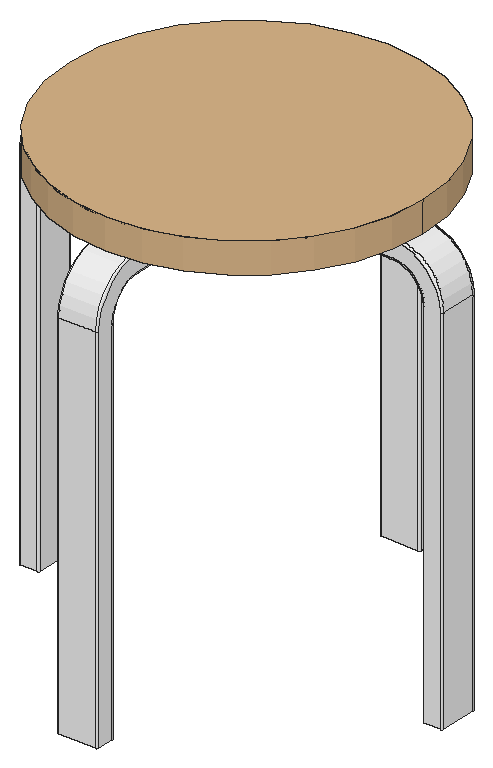
Revit family
Parameters (values of type "420 x 420mm")
  URL = ""
  Model = ""
  Material Seat = Wood - Birch
  Material Frame = Metal - Aluminium
  Manufacturer = "Revit"
  Keynote = "N"
  Description = "Stool"
  Assembly Code = "E2020200"
Reference planes
  plane 1 "Center (Front/Back)": y = 0
  plane 2: z = 0
  plane 3 "Center (Left/Right)": x = 0
  plane 4: x = -210
  plane 5: x = 210
Forms (mm)
  Sweep 1, solid, material "Metal - Aluminium" <- "Material Frame"
    path origin (0, 0, 0) x (1, 0, 0) y (0, 0, 1)
      loop
        line (-210, 0) -> (-210, 370)
        arc (-210, 370) -> (-195.355, 405.355) -> (-160, 420) r 50
        line (-160, 420) -> (-54.964, 420)
    profile origin (0, 0, 185) x (-1, 0, 0) y (0, -1, 0)
      loop
        arc (208, -20) -> (209.414, -19.414) -> (210, -18) r 2
        line (210, -18) -> (210, 18)
        arc (210, 18) -> (209.414, 19.414) -> (208, 20) r 2
        line (208, 20) -> (192, 20)
        arc (192, 20) -> (190.586, 19.414) -> (190, 18) r 2
        line (190, 18) -> (190, -18)
        arc (190, -18) -> (190.586, -19.414) -> (192, -20) r 2
        line (192, -20) -> (208, -20)
  Extrusion 2, solid, material "Wood - Birch" <- "Material Seat"
    sketch origin (0, 0, 420) x (1, 0, 0) y (0, 1, 0)
      loop
        circle (0, 0) r 175
    from 0 to 30
  Sweep 3, solid, material "Metal - Aluminium" <- "Material Frame"
    path origin (0, 0, 0) x (-1, 0, 0) y (0, 0, -1)
      loop
        line (-210, 0) -> (-210, -370)
        arc (-210, -370) -> (-195.355, -405.355) -> (-160, -420) r 50
        line (-160, -420) -> (-54.964, -420)
    profile origin (0, 0, 185) x (0, -1, 0) y (1, 0, 0)
      loop
        line (-20, 208) -> (-20, 192)
        arc (-20, 192) -> (-19.414, 190.586) -> (-18, 190) r 2
        line (-18, 190) -> (18, 190)
        arc (18, 190) -> (19.414, 190.586) -> (20, 192) r 2
        line (20, 192) -> (20, 208)
        arc (20, 208) -> (19.414, 209.414) -> (18, 210) r 2
        line (18, 210) -> (-18, 210)
        arc (-18, 210) -> (-19.414, 209.414) -> (-20, 208) r 2
  Sweep 4, solid, material "Metal - Aluminium" <- "Material Frame"
    path origin (0, 0, 0) x (0, 1, 0) y (0, 0, 1)
      loop
        line (-210, 0) -> (-210, 370)
        arc (-210, 370) -> (-195.355, 405.355) -> (-160, 420) r 50
        line (-160, 420) -> (-54.964, 420)
    profile origin (0, 0, 185) x (0, -1, 0) y (1, 0, 0)
      loop
        arc (208, -20) -> (209.414, -19.414) -> (210, -18) r 2
        line (210, -18) -> (210, 18)
        arc (210, 18) -> (209.414, 19.414) -> (208, 20) r 2
        line (208, 20) -> (192, 20)
        arc (192, 20) -> (190.586, 19.414) -> (190, 18) r 2
        line (190, 18) -> (190, -18)
        arc (190, -18) -> (190.586, -19.414) -> (192, -20) r 2
        line (192, -20) -> (208, -20)
  Sweep 5, solid, material "Metal - Aluminium" <- "Material Frame"
    path origin (0, 0, 0) x (0, -1, 0) y (0, 0, -1)
      loop
        line (-210, 0) -> (-210, -370)
        arc (-210, -370) -> (-195.355, -405.355) -> (-160, -420) r 50
        line (-160, -420) -> (-54.964, -420)
    profile origin (0, 0, 185) x (1, 0, 0) y (0, 1, 0)
      loop
        line (-20, 208) -> (-20, 192)
        arc (-20, 192) -> (-19.414, 190.586) -> (-18, 190) r 2
        line (-18, 190) -> (18, 190)
        arc (18, 190) -> (19.414, 190.586) -> (20, 192) r 2
        line (20, 192) -> (20, 208)
        arc (20, 208) -> (19.414, 209.414) -> (18, 210) r 2
        line (18, 210) -> (-18, 210)
        arc (-18, 210) -> (-19.414, 209.414) -> (-20, 208) r 2
Lines and regions (mm)
  Masking region 1
    outline origin (0, 0, 0) x (1, 0, 0) y (0, 1, 0)
      loop
        line (-209.949, 0) -> (-209.949, -20) -> (-173.853, -20)
        arc (-173.853, -20) -> (-123.755, -123.732) -> (-20.033, -173.85) r 175
        line (-20.033, -173.85) -> (-20.033, -209.916) -> (-0.033, -209.916) -> (20.033, -209.916) -> (20.033, -173.85)
        arc (20.033, -173.85) -> (123.755, -123.732) -> (173.853, -20) r 175
        line (173.853, -20) -> (209.949, -20) -> (209.949, 0) -> (209.949, 20) -> (173.853, 20)
        arc (173.853, 20) -> (123.755, 123.732) -> (20.033, 173.85) r 175
        line (20.033, 173.85) -> (20.033, 209.916) -> (-0.033, 209.916) -> (-20.033, 209.916) -> (-20.033, 173.85)
        arc (-20.033, 173.85) -> (-123.755, 123.732) -> (-173.853, 20) r 175
        line (-173.853, 20) -> (-209.949, 20) -> (-209.949, 0)
  symbolic lines
    curve 1: arc (175, 0, 0) -> (0, 175, 0) -> (-175, 0, 0) r 175
    curve 2: arc (-175, 0, 0) -> (0, -175, 0) -> (175, 0, 0) r 175
    curve 3: line (-20.033, 173.85, 0) -> (-20.033, 207.916, 0)
    curve 4: line (-18.033, 209.916, 0) -> (17.967, 209.916, 0)
    curve 5: line (19.967, 207.916, 0) -> (19.967, 173.857, 0)
    curve 6: arc (-20.033, 207.916, 0) -> (-19.447, 209.33, 0) -> (-18.033, 209.916, 0) r 2
    curve 7: arc (17.967, 209.916, 0) -> (19.381, 209.33, 0) -> (19.967, 207.916, 0) r 2
    curve 8: line (-20.033, -173.85, 0) -> (-20.033, -207.916, 0)
    curve 9: line (-18.033, -209.916, 0) -> (17.967, -209.916, 0)
    curve 10: line (19.967, -207.916, 0) -> (19.967, -173.857, 0)
    curve 11: arc (-20.033, -207.916, 0) -> (-19.447, -209.33, 0) -> (-18.033, -209.916, 0) r 2
    curve 12: arc (17.967, -209.916, 0) -> (19.381, -209.33, 0) -> (19.967, -207.916, 0) r 2
    curve 13: line (-173.883, -20, 0) -> (-207.949, -20, 0)
    curve 14: line (-209.949, -18, 0) -> (-209.949, 18, 0)
    curve 15: line (-207.949, 20, 0) -> (-173.89, 20, 0)
    curve 16: arc (-207.949, -20, 0) -> (-209.363, -19.414, 0) -> (-209.949, -18, 0) r 2
    curve 17: arc (-209.949, 18, 0) -> (-209.363, 19.414, 0) -> (-207.949, 20, 0) r 2
    curve 18: line (173.816, -20, 0) -> (207.883, -20, 0)
    curve 19: line (209.883, -18, 0) -> (209.883, 18, 0)
    curve 20: line (207.883, 20, 0) -> (173.824, 20, 0)
    curve 21: arc (207.883, -20, 0) -> (209.297, -19.414, 0) -> (209.883, -18, 0) r 2
    curve 22: arc (209.883, 18, 0) -> (209.297, 19.414, 0) -> (207.883, 20, 0) r 2
Dimensions and locks
  aligned: Masking region 1 sketch curve to curve 4
